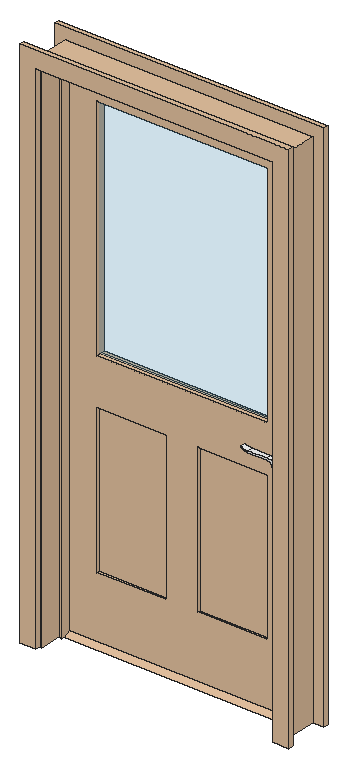
Revit family "06d4a30e200946b2966291c2af766f08", category Doors, host Wall, Revit 2021
Family settings
  Host = Wall
  OmniClass Number = 23.30.10.14
  OmniClass Title = Passage Doors by Material
  Always vertical = Yes
  Cut with Voids When Loaded = No
  Shared = No
  Room Calculation Point = No
Parameters (values of type "36" x 80"")
  Visual Light Transmittance = 0
  Trim Material = Cherry
  Top Rail = 4 3/4"
  Threshold Offset [instance] = if(Threshold, 1/2", 0")  # 1/2"
  Threshold Material = Cherry
  Threshold [instance] = yes
  Thickness = 1 3/8"
  Thermal Resistance (R) = 1.0696 (h·ft²·°F)/BTU
  Swing Angle [instance] = 90.00°
  Stiles = 4 3/4"
  Solar Heat Gain Coefficient = 0
  Rough Width = Width + 2"  # 38"
  Rough Height = Height + 1"  # 81"
  Panel Material = Cherry
  Lock Rail = 7 1/8"
  Height = 80"
  Wall Closure = By host
  Width = 36"
  Heat Transfer Coefficient (U) = 0.9350 BTU/(h·ft²·°F)
  Glazing = Glass
  Function = Exterior
  Frame Material = Cherry
  Exterior Trim [instance] = Door Offset = 0"  # yes
  Door Offset [instance] = 0"
  Door Handle Material = Aluminum
  Bottom Rail = 9 1/2"
  Construction Type = ""
  Assembly Code = "B2030100"
  Analytic Construction = "French door, wood frame with single glass"
Reference planes (in)
  plane 1 "Center (Front/Back)": y = 0
  plane 2 "Center (Left/Right)": x = 0
  plane 3 "Left": x = -19
  plane 4 "Right": x = 19
  plane 5 "Top": z = 81
  plane 6 "Door Offset": y = 2.875
  plane 7 "Interior": y = -3.125
  plane 8 "Door Panel Left": x = -18
  plane 9 "Door Panel Right": x = 18
  plane 10 "Top Of Panel": z = 80
  plane 11: z = 0
  plane 12: z = 0
  plane 13: x = 18.75
  plane 14: y = 1.5
  plane 15: y = 0.125
  plane 16: x = 17.5
  plane 17: y = 1.5
  plane 18: z = 40
  plane 19: z = 75.25
  plane 20 "2": x = -13.25
  plane 21: y = 2.05
  plane 22: y = 2.325
  plane 23: z = 36
  plane 24: y = 1.775
  plane 25: y = 2.6
  plane 26: z = 40
  plane 27: z = 0.5
  plane 28 "1": x = 13.25
  plane 29: x = -2.375
  plane 30: x = 2.375
  plane 31: z = 35.25
  plane 32: z = 7.25
  plane 33: x = 16
  plane 34: y = 1.95833
  plane 35: y = 2.41667
  plane 36: y = 2.1875
  plane 37 "Exterior": y = 2.875
Forms (in)
  Sweep 1, solid, material "Cherry" <- "Frame Material"
    path origin (0, 0, 0) x (1, 0, 0) y (0, 0, 1)
      loop
        line (19, 0) -> (19, 81) -> (-19, 81) -> (-19, 0)
    profile origin (19, 0, 40.5) x (-1, 0, 0) y (0, -1, 0)
      loop
        line (1, -2.875) -> (1, -1.5) -> (1.5, -1.5) -> (1.5, -0.125) -> (1, -0.125) -> (1, 3.125) -> (0, 3.125) -> (0, -2.875) -> (1, -2.875)
  Extrusion 2, solid, material "Cherry" <- "Panel Material"
    sketch origin (0, 0, 0) x (1, 0, 0) y (0, 0, 1)
      loop
        line (18, 80) -> (-18, 80) -> (-18, 0.5) -> (18, 0.5) -> (18, 80)
      loop
        line (-13.25, 75.25) -> (-13.25, 40) -> (13.25, 40) -> (13.25, 75.25) -> (-13.25, 75.25)
      loop
        line (-13.25, 32.875) -> (-13.25, 10) -> (-2.375, 10) -> (-2.375, 32.875) -> (-13.25, 32.875)
      loop
        line (2.375, 32.875) -> (2.375, 10) -> (13.25, 10) -> (13.25, 32.875) -> (2.375, 32.875)
    from -2.875 to -1.5
  Extrusion 3, solid, material "Glass" <- "Glazing"
    sketch origin (0, 0, 0) x (1, 0, 0) y (0, 0, 1)
      loop
        line (-13.25, 75.25) -> (-13.25, 40) -> (13.25, 40) -> (13.25, 75.25) -> (-13.25, 75.25)
    from -2.325 to -2.05
  Extrusion 4, solid, material "Cherry" <- "Panel Material"
    sketch origin (0, 2.875, 0) x (1, 0, 0) y (0, 0, 1)
      loop
        line (-13.25, 32.875) -> (-13.25, 10) -> (-2.375, 10) -> (-2.375, 32.875) -> (-13.25, 32.875)
      loop
        line (13.25, 10) -> (13.25, 32.875) -> (2.375, 32.875) -> (2.375, 10) -> (13.25, 10)
    from 0.45833 to 0.91667
  Sweep 5, solid, material "Cherry" <- "Trim Material", visible <- "Exterior Trim", detail levels fine
    path origin (0, 2.875, 0) x (-1, 0, 0) y (0, 0, 1)
      loop
        line (18, 0) -> (18, 80) -> (-18, 80) -> (-18, 0)
    profile "Casing Profile-Flat : 1x3" origin (18, 2.875, 40) x (-1, 0, 0) y (0, 1, 0)
      loop
        line (-0.25, 0.75) -> (-2.75, 0.75) -> (-2.75, 0) -> (-0.25, 0) -> (-0.25, 0.75)
  Sweep 6, solid, material "Cherry" <- "Trim Material", detail levels fine
    path origin (0, -3.125, 0) x (1, 0, 0) y (0, 0, 1)
      loop
        line (-18, 0) -> (-18, 80) -> (18, 80) -> (18, 0)
    profile "Casing Profile-Flat : 1x3" origin (-18, -3.125, 40) x (-1, 0, 0) y (0, -1, 0)
      loop
        line (0.25, 0.75) -> (0.25, 0) -> (2.75, 0) -> (2.75, 0.75) -> (0.25, 0.75)
Lines and regions (in)
  Opening 1
    outline origin (-90, -3.125, 0) x (1, 0, 0) y (0, 0, 1)
      loop
        line (71, 0) -> (109, 0) -> (109, 81) -> (71, 81) -> (71, 0)
  Masking region 1, detail levels coarse+medium
    outline origin (0, 0, 0) x (1, 0, 0) y (0, 1, 0)
      loop
        line (-19, 2.875) -> (-19, -3.125) -> (-18, -3.125) -> (-18, 2.875) -> (-19, 2.875)
      loop
        line (19, 2.875) -> (18, 2.875) -> (18, -3.125) -> (19, -3.125) -> (19, 2.875)
  Masking region 2, detail levels fine
    outline origin (-1, 0, 0) x (1, 0, 0) y (0, 1, 0)
      loop
        line (-18, 2.875) -> (-18, -3.125) -> (-17, -3.125) -> (-17, 0.125) -> (-16.5, 0.125) -> (-16.5, 1.5) -> (-17, 1.5) -> (-17, 2.875) -> (-18, 2.875)
      loop
        line (20, 2.875) -> (19, 2.875) -> (19, 1.5) -> (18.5, 1.5) -> (18.5, 0.125) -> (19, 0.125) -> (19, -3.125) -> (20, -3.125) -> (20, 2.875)
  Masking region 3, detail levels fine
    outline origin (0, 0, 0) x (1, 0, 0) y (0, 1, 0)
      loop
        line (-20.75, -3.125) -> (-20.75, -3.875) -> (-18.25, -3.875) -> (-18.25, -3.125) -> (-20.75, -3.125)
      loop
        line (18.25, -3.125) -> (18.25, -3.875) -> (20.75, -3.875) -> (20.75, -3.125) -> (18.25, -3.125)
  Masking region 4
    outline origin (0, 0, 0) x (0, 1, 0) y (0, 0, 1)
      loop
        line (2.875, 81) -> (-3.125, 81) -> (-3.125, 80.75) -> (2.875, 80.75) -> (2.875, 81)
  Masking region 5, visible <- "Exterior Trim", detail levels fine
    outline origin (0, -0.25, 0) x (0, -1, 0) y (1, 0, 0)
      loop
        line (-3.125, -20.75) -> (-3.125, -18.25) -> (-3.875, -18.25) -> (-3.875, -20.75) -> (-3.125, -20.75)
      loop
        line (-3.125, 18.25) -> (-3.125, 20.75) -> (-3.875, 20.75) -> (-3.875, 18.25) -> (-3.125, 18.25)
  symbolic lines, style "Elevation Swing"
    curve 1: line (18, 2.875, 79.97241) -> (-18, 2.875, 40)
    curve 2: line (18, 2.875, 0.02759) -> (-18, 2.875, 40)
  model lines, style "DoorsGlassProjection"
    curve 3: line (13.25, 2.1875, 75.25) -> (13.25, 2.1875, 40)
    curve 4: line (-13.25, 2.1875, 75.25) -> (-13.25, 2.1875, 40)
Text (in)
  text "Exterior" at (-74.96733, 27.31104, 0), in view "Ref. Level"
  text "Interior" at (-74.96733, -25.14366, 0), in view "Ref. Level"
  text "Exterior" at (0, 40.15149, 123.01588), in view "Right"
  text "Interior" at (0, -64.39139, 123.01588), in view "Right"
  text "Interior" at (0, -31.01599, 123.00693), in view "Left"
  text "Exterior" at (0, 54.57065, 123.00693), in view "Left"
Dimensions and locks (in)
  equal spacing: plane 3 "Left", plane 2 "Center (Left/Right)", plane 4 "Right"
  "Rough Height": level to plane 5 "Top"
  equal spacing: plane 8 "Door Panel Left", plane 2 "Center (Left/Right)", plane 9 "Door Panel Right"
  "Width": plane 8 "Door Panel Left" to plane 9 "Door Panel Right"
  "Height": level to plane 10 "Top Of Panel"
  plane 11 to plane 12 = 0"
  locked: plane 13 to plane 4 "Right" at 0.25
  locked: plane 16 to plane 9 "Door Panel Right" at 0.5
  "Thickness": plane 6 "Door Offset" to plane 17
  "Rough Width": plane 3 "Left" to plane 4 "Right"
  "Top Rail": plane 19 to plane 10 "Top Of Panel"
  "Stiles": plane 8 "Door Panel Left" to plane 20 "2"
  locked: plane 12 to plane 23 at 36
  equal spacing: plane 11, plane 26, plane 10 "Top Of Panel"
  plane 22 to plane 21 = 0.275"
  "Threshold Offset": plane 12 to plane 27
  "Stiles": plane 28 "1" to plane 9 "Door Panel Right"
  "Stiles": plane 31 to plane 26
  "Lock Rail": plane 26 to Extrusion 4
  "Stiles": plane 30 to plane 29
  equal spacing: plane 30, plane 2 "Center (Left/Right)", plane 29
  plane 33 to plane 4 "Right" = 3"
  "Bottom Rail": plane 27 to Extrusion 2
  equal spacing: plane 17, plane 24, plane 21, plane 22, plane 25, plane 6 "Door Offset"
  equal spacing: plane 17, plane 34, plane 35, plane 6 "Door Offset"
  equal spacing: plane 22, plane 36, plane 21
  locked: plane 17 to Sweep 1 sketch curve at 1.375
  "Door Offset": plane 37 "Exterior" to plane 6 "Door Offset"
  aligned and locked: plane 3 "Left" to Opening 1 sketch curve
  aligned and locked: plane 5 "Top" to Opening 1 sketch curve  (x2)
  aligned and locked: Opening 1 sketch curve to plane 4 "Right"
  aligned and locked: Opening 1 sketch curve to level
  aligned and locked: plane 7 "Interior" to host wall
  aligned and locked: plane 5 "Top" to Sweep 1 sketch curve
  aligned and locked: plane 4 "Right" to Sweep 1 sketch curve
  aligned and locked: Sweep 1 sketch curve to plane 3 "Left"
  aligned and locked: plane 11 to level
  aligned and locked: plane 11 to Sweep 1 sketch curve  (x2)
  aligned and locked: Sweep 1 sketch curve to plane 9 "Door Panel Right"
  aligned and locked: Sweep 1 sketch curve to plane 7 "Interior"
  aligned and locked: Sweep 1 sketch curve to plane 16
  aligned and locked: Extrusion 2 sketch curve to plane 10 "Top Of Panel"
  aligned and locked: Extrusion 2 sketch curve to plane 8 "Door Panel Left"
  aligned and locked: Extrusion 2 to plane 17
  aligned and locked: Extrusion 2 to plane 6 "Door Offset"
  aligned and locked: Extrusion 2 sketch curve to plane 20 "2"
  aligned and locked: plane 18 to Extrusion 2 sketch curve
  aligned and locked: Extrusion 3 sketch curve to plane 20 "2"
  aligned and locked: plane 18 to Extrusion 3 sketch curve
  aligned and locked: Extrusion 3 to plane 22
  aligned and locked: Extrusion 3 to plane 21
  aligned and locked: Masking region 1 sketch curve to plane 3 "Left"
  aligned and locked: plane 8 "Door Panel Left" to Masking region 1 sketch curve
  aligned and locked: Masking region 1 sketch curve to plane 7 "Interior"
  aligned and locked: plane 6 "Door Offset" to Masking region 1 sketch curve
  aligned and locked: plane 9 "Door Panel Right" to Masking region 1 sketch curve
  aligned and locked: Masking region 1 sketch curve to plane 4 "Right"
  aligned and locked: plane 7 "Interior" to Masking region 1 sketch curve
  aligned and locked: Masking region 1 sketch curve to plane 6 "Door Offset"
  aligned and locked: Masking region 2 sketch curve to plane 3 "Left"
  aligned and locked: Masking region 2 sketch curve to plane 7 "Interior"
  aligned and locked: plane 6 "Door Offset" to Masking region 2 sketch curve
  aligned and locked: Masking region 2 sketch curve to Sweep 1  (x3)
  aligned and locked: plane 7 "Interior" to Masking region 3 sketch curve  (x2)
  aligned and locked: Masking region 2 sketch curve to plane 4 "Right"
  aligned and locked: plane 9 "Door Panel Right" to Masking region 2 sketch curve  (x3)
  aligned and locked: plane 17 to Masking region 2 sketch curve  (x2)
  aligned and locked: nested 1 to plane 8 "Door Panel Left"
  aligned and locked: plane 8 "Door Panel Left" to Masking region 2 sketch curve  (x2)
  aligned and locked: host wall to Sweep 1 sketch curve
  aligned and locked: plane 23 to nested 2
  aligned and locked: Masking region 4 sketch curve to host wall
  aligned and locked: host wall to Masking region 4 sketch curve
  aligned and locked: plane 7 "Interior" to Masking region 4 sketch curve
  aligned and locked: nested 3 to plane 27
  aligned and locked: Extrusion 3 sketch curve to plane 28 "1"
  aligned and locked: Extrusion 2 sketch curve to Extrusion 2 sketch curve  (x2)
  aligned and locked: Extrusion 4 sketch curve to Extrusion 2  (x3)
  aligned and locked: Extrusion 2 to Extrusion 4 sketch curve
  aligned and locked: Sweep 1 to curve 1
  aligned and locked: plane 26 to curve 2
  aligned and locked: Sweep 1 to curve 2
  aligned and locked: plane 19 to Extrusion 2
  aligned and locked: Extrusion 2 to Extrusion 4  (x2)
  aligned and locked: plane 29 to Extrusion 2 sketch curve
  aligned and locked: plane 26 to plane 18
  aligned and locked: nested 2 to plane 33
  aligned and locked: plane 8 "Door Panel Left" to nested 3
  aligned and locked: plane 9 "Door Panel Right" to Sweep 5 sketch curve
  aligned and locked: plane 10 "Top Of Panel" to Sweep 5 sketch curve
  aligned and locked: plane 8 "Door Panel Left" to Sweep 5 sketch curve
  aligned and locked: plane 11 to Sweep 5 sketch curve
  aligned and locked: plane 12 to Sweep 5 sketch curve
  aligned and locked: Sweep 6 sketch curve to plane 8 "Door Panel Left"
  aligned and locked: Sweep 6 sketch curve to plane 10 "Top Of Panel"
  aligned and locked: Sweep 6 sketch curve to plane 9 "Door Panel Right"
  aligned and locked: plane 12 to Sweep 6 sketch curve  (x2)
  aligned and locked: Extrusion 4 to Extrusion 2
  aligned and locked: plane 17 to nested 2
  aligned and locked: Extrusion 4 to plane 35
  aligned and locked: Extrusion 4 to plane 34
  aligned and locked: nested 2 to plane 17
  aligned and locked: curve 3 to plane 36
  aligned and locked: plane 19 to curve 3
  aligned and locked: plane 26 to curve 3
  aligned and locked: curve 4 to plane 36
  aligned and locked: plane 19 to curve 4
  aligned and locked: plane 26 to curve 4
  aligned and locked: Masking region 2 sketch curve to plane 6 "Door Offset"
  aligned and locked: plane 6 "Door Offset" to Sweep 1 sketch curve
  aligned and locked: plane 17 to Sweep 1 sketch curve
  aligned and locked: Sweep 1 to Masking region 2 sketch curve
  aligned and locked: host wall to plane 37 "Exterior"
  aligned and locked: Masking region 5 sketch curve to plane 37 "Exterior"  (x2)
  aligned and locked: plane 37 "Exterior" to nested 1
Automatic sketch dimensions
  plane 16 to Sweep 1 sketch curve = 1/2"
  plane 20 "2" to Extrusion 2 sketch curve = 0"
  plane 30 to Extrusion 2 sketch curve = 0"
  plane 28 "1" to Extrusion 2 sketch curve = 0"  (x2)
  plane 9 "Door Panel Right" to Extrusion 2 sketch curve = 0"
  Extrusion 2 sketch curve to plane 27 = 0"
  Extrusion 2 sketch curve to plane 19 = 0"
  plane 32 to Extrusion 2 sketch curve = 2 3/4"
  Extrusion 2 sketch curve to plane 31 = 2 3/8"
  Extrusion 3 sketch curve to plane 19 = 0"
  plane 9 "Door Panel Right" to curve 2 = 0"
  level to curve 2 = 0.02759"
  curve 1 to plane 10 "Top Of Panel" = 0.02759"
  host wall to Masking region 2 sketch curve = 0"
  host wall to Masking region 3 sketch curve = 3/4"
  plane 3 "Left" to Masking region 3 sketch curve = 1 3/4"
  plane 8 "Door Panel Left" to Masking region 3 sketch curve = 1/4"
  Masking region 3 sketch curve to plane 9 "Door Panel Right" = 1/4"
  Masking region 3 sketch curve to plane 4 "Right" = 1 3/4"
  Masking region 3 sketch curve to Masking region 3 sketch curve = 3/4"
  plane 5 "Top" to Masking region 4 sketch curve = 1/4"
  Extrusion 4 sketch curve to plane 27 = 9 1/2"
  Extrusion 4 sketch curve to Extrusion 4 sketch curve = 0"
  Extrusion 4 sketch curve to plane 23 = 3 1/8"  (x2)
  Masking region 5 sketch curve to plane 9 "Door Panel Right" = 1/4"
  Masking region 5 sketch curve to Masking region 5 sketch curve = 3/4"  (x2)
  plane 8 "Door Panel Left" to Masking region 5 sketch curve = 1/4"
  plane 3 "Left" to Masking region 5 sketch curve = 1 3/4"
  Masking region 5 sketch curve to plane 4 "Right" = 1 3/4"
Nested families (in)
  nested 1: "Door Swing-Single" at (-18, 2.875, 0) x (-1, 0, 0) z (0, 0, 1), Swing Angle <- "Swing Angle", type "Single"
    with Swing Visible yes, Swing Angle 90.00°, Actual Angle 90.00°, Thickness 1 3/8"
  nested 2: "Entry Door Handle" at (16, 2.1875, 36) x (-1, 0, 0) z (0, 0, 1), type "Standard", detail levels fine
    with Thickness 1 3/8"
  nested 3: "Threshold" at (0, 2.1875, 0) x (0, 1, 0) z (0, 0, 1), visible <- "Threshold", type "Threshold"
    with Threshold Length 36", Panel Width 1 3/8"
Definition of nested family "Entry Door Handle"
  Parameters (values of type "Standard")
    Thickness = 1 3/4"
    Handle Material = none
    Function = (empty or 0)
    Construction Type = ""
    Analytic Construction = "<None>"
  Reference planes (in)
    plane 1 "Center (Front/Back)": y = 0
    plane 2: z = 0
    plane 3 "Center (Left/Right)": x = 0
    plane 4: y = 0.875
    plane 5: y = -0.875
    plane 6: z = -5.79187
    plane 7: y = 2.4498
    plane 8: z = 3.24803
    plane 9: y = -2.4498
    plane 10: z = -2.3622
  Forms (in)
    Extrusion 1, solid, material <- "Handle Material"
      sketch origin (0, -0.875, 0) x (-1, 0, 0) y (0, 0, -1)
        loop
          line (0.98425, -4.92126) -> (0.98425, 2.75591)
          arc (0.98425, 2.75591) -> (0, 3.74016) -> (-0.98425, 2.75591) r 0.98425
          line (-0.98425, 2.75591) -> (-0.98425, -4.92126)
          arc (-0.98425, -4.92126) -> (0, -5.90551) -> (0.98425, -4.92126) r 0.98425
      from 0 to 0.3937
    Extrusion 2, solid, material <- "Handle Material"
      sketch origin (0, 0.875, 0) x (-1, 0, 0) y (0, 0, -1)
        loop
          line (0.98425, -4.92126) -> (0.98425, 2.75591)
          arc (0.98425, 2.75591) -> (0, 3.74016) -> (-0.98425, 2.75591) r 0.98425
          line (-0.98425, 2.75591) -> (-0.98425, -4.92126)
          arc (-0.98425, -4.92126) -> (0, -5.90551) -> (0.98425, -4.92126) r 0.98425
      from 0 to -0.3937
    Extrusion 3, solid, material <- "Handle Material"
      sketch origin (0, -0.875, 0) x (-1, 0, 0) y (0, 0, -1)
        loop
          circle (0, 0) r 0.31496
      from 0.3937 to 1.5748
    Extrusion 4, solid, material <- "Handle Material"
      sketch origin (0, 0.7874, 0) x (-1, 0, 0) y (0, 0, 1)
        loop
          circle (0, 0) r 0.31496
      from 0.4813 to 1.6624
    Extrusion 5, solid, material <- "Handle Material"
      sketch origin (0, -2.4498, 0) x (1, 0, 0) y (0, 0, 1)
        loop
          arc (-0.25623, 0.18316) -> (-0.09617, -0.29992) -> (0.31496, 0) r 0.31496
          arc (0.31496, 0) -> (0.57211, 0.36971) -> (0.99946, 0.51181) r 0.71363
          line (0.99946, 0.51181) -> (4.00172, 0.51181)
          arc (4.00172, 0.51181) -> (4.58305, 0.62197) -> (5.11811, 0.87455) r 2.33776
          line (5.11811, 0.87455) -> (5.11811, 0.98425)
          arc (5.11811, 0.98425) -> (4.56848, 0.83722) -> (4.00172, 0.7874) r 3.27894
          line (4.00172, 0.7874) -> (0.99872, 0.7874)
          arc (0.99872, 0.7874) -> (0.29501, 0.64361) -> (-0.25623, 0.18316) r 1.46784
      from 0 to 0.7874
    Extrusion 6, solid, material <- "Handle Material"
      sketch origin (0, 2.4498, 0) x (1, 0, 0) y (0, 0, -1)
        loop
          arc (0.31496, 0) -> (-0.09617, 0.29992) -> (-0.25623, -0.18316) r 0.31496
          arc (-0.25623, -0.18316) -> (0.29501, -0.64361) -> (0.99872, -0.7874) r 1.46784
          line (0.99872, -0.7874) -> (4.00172, -0.7874)
          arc (4.00172, -0.7874) -> (4.56848, -0.83722) -> (5.11811, -0.98425) r 3.27894
          line (5.11811, -0.98425) -> (5.11811, -0.87455)
          arc (5.11811, -0.87455) -> (4.58305, -0.62197) -> (4.00172, -0.51181) r 2.33776
          line (4.00172, -0.51181) -> (0.99946, -0.51181)
          arc (0.99946, -0.51181) -> (0.57211, -0.36971) -> (0.31496, 0) r 0.71363
      from 0 to 0.7874
    Extrusion 7, solid, material <- "Handle Material"
      sketch origin (0, -1.2687, 0.3937) x (-1, 0, 0) y (0, 0, -1)
        loop
          circle (0, -2.85433) r 0.31496
      from 0 to 0.3937
    Extrusion 8, solid, material <- "Handle Material"
      sketch origin (0, 1.2687, 5.61024) x (-1, 0, 0) y (0, 0, 1)
        loop
          line (-0.19685, -1.77165) -> (-0.19685, -2.95276) -> (0.19685, -2.95276) -> (0.19685, -1.77165) -> (-0.19685, -1.77165)
      from 0 to 0.3937
  Dimensions and locks (in)
    equal spacing: plane 5, plane 1 "Center (Front/Back)", plane 4
    "Thickness": plane 5 to plane 4
    locked: plane 4 to plane 7 at 1.5748
    locked: plane 9 to plane 5 at 1.5748
    locked: Extrusion 6 to plane 7 at 0.7874
    locked: plane 9 to Extrusion 5 at 0.7874
    locked: plane 2 to plane 10 at 2.3622
    aligned and locked: Extrusion 3 to Extrusion 1
    aligned and locked: Extrusion 4 to Extrusion 2
    aligned and locked: plane 7 to Extrusion 6
    aligned and locked: Extrusion 4 to plane 7
    aligned and locked: plane 9 to Extrusion 5
    aligned and locked: Extrusion 1 sketch curve to Extrusion 2
  Automatic sketch dimensions
    Extrusion 3 sketch curve to level = 0"
    Extrusion 3 sketch curve to plane 3 "Center (Left/Right)" = 0"
    Extrusion 4 sketch curve to level = 0"
    Extrusion 4 sketch curve to plane 3 "Center (Left/Right)" = 0"
    Extrusion 5 sketch curve to level = 0"  (x2)
    Extrusion 5 sketch curve to plane 3 "Center (Left/Right)" = 0"
    Extrusion 5 sketch curve to plane 3 "Center (Left/Right)" = 0.25623"
    plane 3 "Center (Left/Right)" to Extrusion 5 sketch curve = 0.31496"
    Extrusion 5 sketch curve to level = 0.67892"
    Extrusion 5 sketch curve to Extrusion 5 sketch curve = 0.61683"
    level to Extrusion 5 sketch curve = 0.7874"
    Extrusion 5 sketch curve to Extrusion 5 sketch curve = 0.00074"
    Extrusion 5 sketch curve to Extrusion 5 sketch curve = 1.11639"
    Extrusion 5 sketch curve to Extrusion 5 sketch curve = 0"
    Extrusion 5 sketch curve to level = 0.20182"
    level to Extrusion 5 sketch curve = 0.87455"
    Extrusion 5 sketch curve to Extrusion 5 sketch curve = 0.1097"
    Extrusion 5 sketch curve to Extrusion 5 sketch curve = 2.86193"
    Extrusion 5 sketch curve to Extrusion 5 sketch curve = 0.13846"
    Extrusion 5 sketch curve to Extrusion 5 sketch curve = 0.14107"
    Extrusion 6 sketch curve to level = 0"
    Extrusion 6 sketch curve to plane 3 "Center (Left/Right)" = 0"
    level to Extrusion 6 sketch curve = 0.18316"
    Extrusion 6 sketch curve to plane 3 "Center (Left/Right)" = 0.25623"
    Extrusion 6 sketch curve to level = 0.67892"
    Extrusion 6 sketch curve to Extrusion 6 sketch curve = 0.61683"
    Extrusion 6 sketch curve to Extrusion 6 sketch curve = 0.00074"
    Extrusion 6 sketch curve to level = 0.20182"
    Extrusion 6 sketch curve to Extrusion 6 sketch curve = 0.06766"
    Extrusion 6 sketch curve to Extrusion 6 sketch curve = 2.86193"
    Extrusion 6 sketch curve to Extrusion 6 sketch curve = 0.13846"
    Extrusion 6 sketch curve to Extrusion 6 sketch curve = 0.14107"
    Extrusion 6 sketch curve to Extrusion 6 sketch curve = 0"
    level to Extrusion 6 sketch curve = 0.87455"
    Extrusion 6 sketch curve to Extrusion 6 sketch curve = 1.11639"
    Extrusion 6 sketch curve to Extrusion 6 sketch curve = 0.1097"
    level to Extrusion 1 sketch curve = 2.75591"
    Extrusion 2 sketch curve to level = 4.92126"
    Extrusion 2 sketch curve to plane 3 "Center (Left/Right)" = 0"
    Extrusion 2 sketch curve to plane 3 "Center (Left/Right)" = 0.98425"
    level to Extrusion 2 sketch curve = 2.75591"
    Extrusion 7 sketch curve to Extrusion 1 = 0.98425"
    Extrusion 8 sketch curve to Extrusion 2 = 0.7874"
    Extrusion 8 sketch curve to Extrusion 8 sketch curve = 0.3937"
    Extrusion 8 sketch curve to Extrusion 8 sketch curve = 1.1811"
    radius of Extrusion 3 sketch curve = 0.31496"
    radius of Extrusion 4 sketch curve = 0.31496"
    radius of Extrusion 7 sketch curve = 0.31496"
Definition of nested family "Threshold"
  Parameters (values of type "Threshold")
    Threshold Length = 72"
    Threshold Height = 1/2"
    Panel Width = 2"
    Material = none
    Analytic Construction = "<None>"
  Reference planes (in)
    plane 1 "Center (Front/Back)": y = 0
    plane 2: z = 0
    plane 3 "Center (Left/Right)": x = 0
    plane 4: x = -2
    plane 5: x = 2
    plane 6: z = 0.5
    plane 7: x = -1
    plane 8: x = 1
    plane 9: y = 36
    plane 10: y = -36
  Forms (in)
    Extrusion 1, solid, material <- "Material"
      sketch origin (0, 0, 0) x (1, 0, 0) y (0, 0, 1)
        loop
          line (-2, 0) -> (2, 0) -> (1, 0.5) -> (-1, 0.5) -> (-2, 0)
      from -36 to 36
  Dimensions and locks (in)
    "Threshold Height": plane 6 to plane 2
    equal spacing: plane 8, plane 3 "Center (Left/Right)", plane 7
    "Panel Width": plane 8 to plane 7
    equal spacing: plane 9, plane 1 "Center (Front/Back)", plane 10
    "Threshold Length": plane 9 to plane 10
    locked: plane 7 to plane 4 at 1
    locked: plane 8 to plane 5 at 1
    aligned and locked: plane 2 to level
    aligned and locked: Extrusion 1 sketch curve to plane 6
    aligned and locked: Extrusion 1 sketch curve to plane 2
    aligned and locked: plane 5 to Extrusion 1 sketch curve
    aligned and locked: plane 7 to Extrusion 1 sketch curve
    aligned and locked: plane 8 to Extrusion 1 sketch curve
    aligned and locked: plane 9 to Extrusion 1
    aligned and locked: plane 10 to Extrusion 1
  Automatic sketch dimensions
    Extrusion 1 sketch curve to plane 4 = 0"
Definition of nested family "Door Swing-Single"
  Parameters
    Width = 36"
    Thickness = 1 3/4"
    Swing Visible [instance] = Swing Angle > 1.00°  # yes
    Swing Angle [instance] = 45.00°
    Assembly Code = ""
    Analytic Construction = "<None>"
    Actual Angle [instance] = if(Swing Angle < 1.00°, 1.00°, Swing Angle)  # 45.00°
  Reference planes (in)
    plane 1 "Center (Front/Back)": y = 0
    plane 2: z = 0
    plane 3 "Center (Left/Right)": x = 0
    plane 4: x = -36
  Lines and regions (in)
    Masking region 1
      outline origin (0, 0, 0) x (-0.707107, 0.707107, 0) y (-0.707107, -0.707107, 0)
        loop
          line (0, 0) -> (36, 0) -> (36, 1.75) -> (0, 1.75) -> (0, 0)
    symbolic lines
      curve 1: line (0, 0, 0) -> (-36, 0, 0)
    symbolic lines, visible <- "Swing Visible"
      curve 2: arc (-36, 0, 0) -> (-33.25966, 13.7766, 0) -> (-25.45584, 25.45584, 0) r 36
    reference lines
      curve 3: line (0, 0, 0) -> (-25.45584, 25.45584, 0)
    model lines
      curve 4: line (0, 0, 0) -> (0, 0, 1)
  Dimensions and locks (in)
    "Width": plane 4 to plane 3 "Center (Left/Right)"
    locked: curve 2 to plane 3 "Center (Left/Right)"
    locked: curve 2 to plane 1 "Center (Front/Back)"
    "Width": curve 3 to curve 3
    "Thickness": Masking region 1 sketch curve to Masking region 1 sketch curve
    locked: curve 4 to plane 2 at 1
    "Width": radius of curve 2
    "Actual Angle": angle curve 2 to curve 2
    "Swing Angle": angle curve 3 to plane 1 "Center (Front/Back)"
    aligned and locked: curve 1 to plane 1 "Center (Front/Back)"
    aligned and locked: plane 3 "Center (Left/Right)" to curve 1
    aligned and locked: plane 3 "Center (Left/Right)" to curve 3
    aligned and locked: plane 1 "Center (Front/Back)" to curve 3
    aligned and locked: curve 3 to Masking region 1 sketch curve
    aligned and locked: Masking region 1 sketch curve to curve 3  (x2)
    aligned and locked: plane 3 "Center (Left/Right)" to curve 4
    aligned and locked: plane 2 to curve 4
